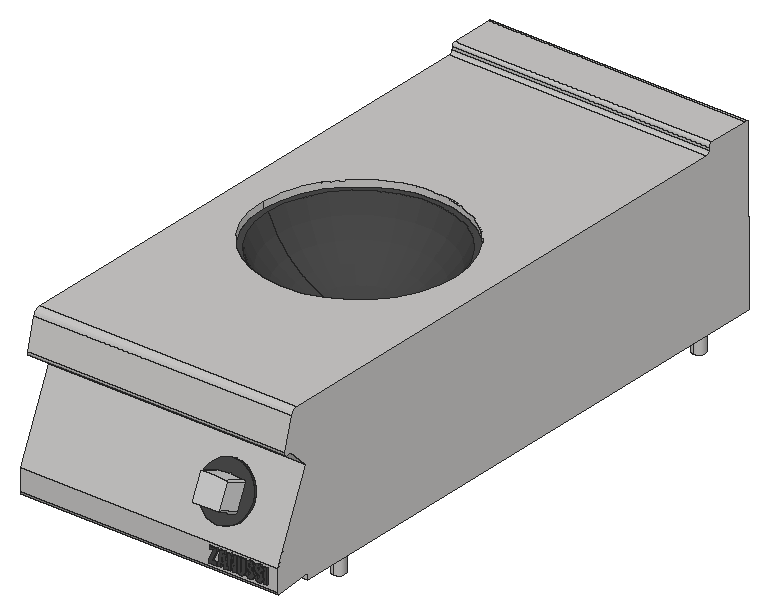
Revit family "QF_ZANUSSI_392353_Z9INEDW00P", category Specialty Equipment, Revit 2018
Family settings
  Round Connector Dimension = Use Diameter
  Part Type = Normal
  Work Plane-Based = No
  Always vertical = Yes
  Cut with Voids When Loaded = No
  Shared = No
  Room Calculation Point = No
Parameters (values of type "Standard")
  Weight = 30.00 kg
  Watts = 0 W
  Volts = 380 V
  URL Manufacturer = "http://www.zanussiprofessional.com"
  URL = "http://www.zanussiprofessional.com"
  Steam Supply Size = 0"
  Steam Supply Minimum Pressure = 0.00 psi
  Steam Supply Maximum Pressure = 0.00 psi
  Steam Pounds per Hour = 0
  Show Logo [instance] = yes
  Refrigeration Suction Line Size = 0"
  Refrigeration Liquid Line Size = 0"
  Refrigerant Compressor Remote = yes
  Phase = 3
  Model = "Z9INEDW00P"
  Manufacturer = "Zanussi"
  Length Actual = 400 mm  # constant formula
  Item Number = "392353"
  Hot Water Size = 0"
  Height Actual = 250 mm  # constant formula
  HP = "6.7 HP"
  Gas Size = 0"
  Gas KW = 0
  Gas Input Pressure = 0.0 Btu/h
  Direct Waste Size = 0"
  Description = "ELECTRIC INDUCTION WOK 5 KW 400 MM-900LINE"
  Depth Actual = 900 mm  # constant formula
  Cycle = 60 Hz
  Condensate Return Size = 0"
  Compressed Air Volume = 0 GPM
  Compressed Air Size = 0"
  Compressed Air Pressure = 0.00 psi
  Cold Water Size = 0"
  Accessory = yes
Types (2, lengths in mm): name | URL | Phase | Model | Manufacturer | Description
  (no name) | 0 | 0 | 0 | 0 | 0
  Standard | "http://www.zanussiprofessional.com" | 3 | "Z9INEDW00P" | "Zanussi" | "ELECTRIC INDUCTION WOK 5 KW 400 MM-900LINE"
Values of the unnamed type that differ from the named types
  Volts = 0 V
  URL Manufacturer = ""
  Item Number = ""
  Cycle = 0 Hz
Reference planes
  plane 1 "BACK": y = 0
  plane 2: z = 625
  plane 3 "LEFT": x = 0
  plane 4 "RIGHT": x = 400
  plane 5 "FRONT": y = -915
  plane 6 "TOP": z = 900
  plane 7 "Center Y": x = 200
  plane 8 "Center X": y = -457.5
  plane 9: z = 650
  plane 10: z = 915
  plane 11: y = -506.787
  plane 12: x = 388.888
  plane 13: x = 11.112
Forms (mm)
  Extrusion 1, solid, material "QF_Finishes_Stainless Steel"
    sketch origin (0, -199.871, 625) x (1, 0, 0) y (0, 1, 0)
      loop
        circle (11.112, 117.871) r 9.525
      loop
        circle (388.888, 117.871) r 9.525
      loop
        circle (11.112, -582.629) r 9.525
      loop
        circle (388.888, -582.629) r 9.525
    from 0 to 25
  Extrusion 2, void
    sketch origin (0, 35, 900) x (1, 0, 0) y (0, -1, 0)
      loop
        circle (200, 541.787) r 150
    from 0 to 10
  Revolve 3, void
    sketch origin (-6096, -506.787, 799.637) x (0, 0, -1) y (-1, 0, 0)
      loop
        line (-291, -6296) -> (9, -6296)
        arc (9, -6296) -> (-141, -6146) -> (-291, -6296) r 150
      axis (-291, -6296) -> (9, -6296)
    angle from 0 to 360
  Extrusion 4, solid, material "QF_Finishes_Stainless Steel"
    sketch origin (0, 0, 649) x (0, 0, 1) y (1, 0, 0)
      loop
        circle (32, 200) r 12.7
    from 0 to 5
  Extrusion 5, solid, material "QF_Finishes_Stainless Steel"
    sketch origin (0, 0, 626.187) x (0, 1, 0) y (0, 0, 1)
      loop
        arc (-70.257, 288.271) -> (-73.771, 286.815) -> (-75.227, 283.3) r 4.97
        line (-75.227, 283.3) -> (-75.227, 279.267)
        arc (-75.227, 279.267) -> (-76.824, 275.41) -> (-80.681, 273.813) r 5.454
        line (-80.681, 273.813) -> (-877.207, 273.813)
        arc (-877.207, 273.813) -> (-883.903, 271.54) -> (-887.832, 265.66) r 11
        line (-887.832, 265.66) -> (-900.149, 219.707)
        arc (-900.149, 219.707) -> (-899.226, 215.936) -> (-895.55, 214.687) r 4.036
        line (-895.55, 214.687) -> (-889.182, 215.81) -> (-859.407, 186.036) -> (-915, 65.25) -> (-915, 31.701)
        arc (-915, 31.701) -> (-913.842, 29.1) -> (-911.134, 28.221) r 3.5
        line (-911.134, 28.221) -> (-856, 34.015) -> (-856, 23.812) -> (0, 23.812) -> (0, 284.313)
        arc (0, 284.313) -> (-1.164, 287.133) -> (-3.978, 288.313) r 4
        line (-3.978, 288.313) -> (-70.292, 288.313)
    from 0 to 400
Cuts and joins
  Extrusion 2, Revolve 3 cuts Extrusion 5
Lines and regions (mm)
  symbolic lines
    curve 1: line (0, -915, 0) -> (278.132, -915, 0)
    curve 2: line (0, 0, 0) -> (0, -915, 0)
    curve 3: line (400, 0, 0) -> (0, 0, 0)
    curve 4: line (400, -915, 0) -> (400, 0, 0)
    curve 5: line (0, -75, 0) -> (400, -75, 0)
    curve 6: arc (50, -506.787, 0) -> (200, -356.787, 0) -> (350, -506.787, 0) r 150
    curve 7: arc (350, -506.787, 0) -> (200, -656.787, 0) -> (50, -506.787, 0) r 150
    curve 8: arc (341.421, -506.787, 0) -> (200, -648.208, 0) -> (58.579, -506.787, 0) r 141.421
    curve 9: arc (58.579, -506.787, 0) -> (200, -365.366, 0) -> (341.421, -506.787, 0) r 141.421
    curve 10: line (0, -900, 0) -> (400, -900, 0)
    curve 11: spline (280.706, -911.881, 0) -> (280.474, -911.901, 0) -> (280.249, -911.933, 0) -> (280.035, -911.976, 0) -> (279.835, -912.028, 0) -> (279.651, -912.091, 0) -> (279.485, -912.162, 0) -> (279.341, -912.241, 0) -> (279.221, -912.326, 0) -> (279.125, -912.417, 0) -> (279.056, -912.512, 0) -> (279.014, -912.609, 0) -> (279, -912.708, 0)
    curve 12: line (279, -912.708, 0) -> (279, -928.009, 0)
    curve 13: spline (279, -928.009, 0) -> (279.017, -928.118, 0) -> (279.068, -928.225, 0) -> (279.152, -928.329, 0) -> (279.268, -928.427, 0) -> (279.413, -928.518, 0) -> (279.586, -928.6, 0) -> (279.782, -928.672, 0) -> (280, -928.733, 0) -> (280.235, -928.781, 0) -> (280.482, -928.817, 0) -> (280.739, -928.838, 0) -> (281, -928.845, 0)
    curve 14: line (281, -928.845, 0) -> (319, -928.845, 0)
    curve 15: spline (319, -928.845, 0) -> (319.261, -928.838, 0) -> (319.518, -928.817, 0) -> (319.765, -928.781, 0) -> (320, -928.733, 0) -> (320.218, -928.672, 0) -> (320.414, -928.6, 0) -> (320.587, -928.518, 0) -> (320.732, -928.427, 0) -> (320.848, -928.329, 0) -> (320.932, -928.225, 0) -> (320.983, -928.118, 0) -> (321, -928.009, 0)
    curve 16: line (321, -928.009, 0) -> (321, -912.708, 0)
    curve 17: spline (321, -912.708, 0) -> (320.986, -912.609, 0) -> (320.944, -912.512, 0) -> (320.875, -912.417, 0) -> (320.779, -912.326, 0) -> (320.659, -912.241, 0) -> (320.515, -912.162, 0) -> (320.349, -912.091, 0) -> (320.165, -912.028, 0) -> (319.965, -911.976, 0) -> (319.751, -911.933, 0) -> (319.526, -911.901, 0) -> (319.294, -911.881, 0)
    curve 18: line (280.593, -900, 0) -> (280.706, -911.881, 0)
    curve 19: line (279, -912.708, 0) -> (278.152, -900, 0)
    curve 20: line (277.131, -900, 0) -> (279, -928.009, 0)
    curve 21: line (319.407, -900, 0) -> (319.294, -911.881, 0)
    curve 22: line (321, -912.708, 0) -> (321.848, -900, 0)
    curve 23: line (322.869, -900, 0) -> (321, -928.009, 0)
    curve 24: spline (264.831, -900, 0) -> (265.677, -900.506, 0) -> (266.565, -900.999, 0) -> (267.493, -901.479, 0) -> (268.461, -901.945, 0) -> (269.468, -902.397, 0) -> (270.511, -902.833, 0) -> (271.589, -903.255, 0) -> (272.703, -903.66, 0) -> (273.849, -904.049, 0) -> (275.027, -904.421, 0) -> (276.235, -904.776, 0) -> (277.472, -905.113, 0)
    curve 25: spline (322.528, -905.113, 0) -> (323.765, -904.776, 0) -> (324.973, -904.421, 0) -> (326.151, -904.049, 0) -> (327.297, -903.66, 0) -> (328.411, -903.255, 0) -> (329.489, -902.833, 0) -> (330.532, -902.397, 0) -> (331.539, -901.945, 0) -> (332.507, -901.479, 0) -> (333.435, -900.999, 0) -> (334.323, -900.506, 0) -> (335.169, -900, 0)
    curve 26: spline (319.294, -911.881, 0) -> (316.096, -911.699, 0) -> (312.889, -911.55, 0) -> (309.673, -911.434, 0) -> (306.452, -911.351, 0) -> (303.227, -911.301, 0) -> (300, -911.285, 0) -> (296.773, -911.301, 0) -> (293.548, -911.351, 0) -> (290.327, -911.434, 0) -> (287.111, -911.55, 0) -> (283.904, -911.699, 0) -> (280.706, -911.881, 0)
    curve 27: line (321.868, -915, 0) -> (400, -915, 0)
Dimensions and locks
  equal spacing: plane 3 "LEFT", plane 7 "Center Y", plane 4 "RIGHT"
  plane 3 "LEFT" to plane 4 "RIGHT" = 400 mm
  equal spacing: plane 5 "FRONT", plane 8 "Center X", plane 1 "BACK"
  plane 5 "FRONT" to plane 1 "BACK" = 915 mm
  plane 10 to level = 915 mm
  plane 9 to level = 650 mm
  plane 9 to plane 2 = 25 mm
  locked: plane 11 to plane 8 "Center X" at 49.287
  plane 10 to plane 6 "TOP" = 15 mm
  Extrusion 5 sketch curve to Extrusion 5 sketch curve = 39.496 mm
  Extrusion 5 sketch curve to Extrusion 5 sketch curve = 55.438 mm
  Extrusion 5 sketch curve to Extrusion 5 sketch curve = 5.296 mm
  radius of Extrusion 5 sketch curve = 4.036 mm
Automatic sketch dimensions
  Extrusion 1 sketch curve to Extrusion 1 sketch curve = 0 mm  (x8)
  plane 3 "LEFT" to Extrusion 1 sketch curve = 11.112 mm  (x2)
  Extrusion 1 sketch curve to plane 4 "RIGHT" = 11.112 mm  (x2)
  Extrusion 1 sketch curve to plane 8 "Center X" = 334.525 mm  (x2)
  Extrusion 1 sketch curve to Extrusion 1 sketch curve = 9.525 mm  (x4)
  plane 1 "BACK" to Extrusion 1 sketch curve = 91.525 mm  (x2)
  Revolve 3 sketch curve to plane 7 "Center Y" = 0 mm  (x2)
  plane 10 to Revolve 3 sketch curve = 175.638 mm
  Revolve 3 sketch curve to Revolve 3 sketch curve = 150 mm
  Revolve 3 sketch curve to Revolve 3 sketch curve = 30.638 mm
  Revolve 3 sketch curve to Revolve 3 sketch curve = 35 mm
  Extrusion 2 sketch curve to plane 7 "Center Y" = 0 mm
  Extrusion 2 sketch curve to plane 11 = 0 mm
  Extrusion 4 sketch curve to plane 7 "Center Y" = 0 mm
  plane 9 to Extrusion 4 sketch curve = 31 mm
  Extrusion 5 sketch curve to plane 5 "FRONT" = 0 mm
  Extrusion 5 sketch curve to plane 6 "TOP" = 0 mm
  Extrusion 5 sketch curve to plane 9 = 0 mm
  Extrusion 5 sketch curve to plane 1 "BACK" = 0 mm
  Extrusion 5 sketch curve to plane 5 "FRONT" = 3.5 mm
  Extrusion 5 sketch curve to plane 5 "FRONT" = 14.851 mm
  Extrusion 5 sketch curve to Extrusion 5 sketch curve = 3.899 mm
  Extrusion 5 sketch curve to Extrusion 5 sketch curve = 0.701 mm
  Extrusion 5 sketch curve to Extrusion 5 sketch curve = 6.368 mm
  Extrusion 5 sketch curve to plane 6 "TOP" = 8.152 mm
  Extrusion 5 sketch curve to plane 5 "FRONT" = 27.168 mm
  Extrusion 5 sketch curve to Extrusion 5 sketch curve = 10.625 mm
  Extrusion 5 sketch curve to Extrusion 5 sketch curve = 29.775 mm
  Extrusion 5 sketch curve to Extrusion 5 sketch curve = 55.5 mm
  plane 6 "TOP" to Extrusion 5 sketch curve = 5.454 mm
  plane 1 "BACK" to Extrusion 5 sketch curve = 80.681 mm
  Extrusion 5 sketch curve to Extrusion 5 sketch curve = 4.97 mm
  plane 1 "BACK" to Extrusion 5 sketch curve = 4 mm
  Extrusion 5 sketch curve to plane 10 = 0.5 mm
  plane 1 "BACK" to Extrusion 5 sketch curve = 3.978 mm
  plane 9 to Extrusion 5 sketch curve = 7.889 mm
  Extrusion 5 sketch curve to Extrusion 5 sketch curve = 10.203 mm
  Extrusion 5 sketch curve to Extrusion 5 sketch curve = 33.549 mm
  Extrusion 5 sketch curve to Extrusion 5 sketch curve = 76.777 mm
  Extrusion 5 sketch curve to Extrusion 5 sketch curve = 4.034 mm
  Extrusion 5 sketch curve to Extrusion 5 sketch curve = 4 mm
  Extrusion 5 sketch curve to Extrusion 5 sketch curve = 0.366 mm
  Extrusion 5 sketch curve to Extrusion 5 sketch curve = 0 mm  (x2)
  Extrusion 5 sketch curve to Extrusion 5 sketch curve = 0.036 mm  (x2)
  curve 6 to curve 8 = 0 mm  (x2)
  curve 1 to plane 3 "LEFT" = 0 mm
  curve 6 to plane 11 = 0 mm
  curve 9 to plane 7 "Center Y" = 0 mm
  plane 1 "BACK" to curve 4 = 0 mm
  curve 4 to plane 4 "RIGHT" = 0 mm
  plane 5 "FRONT" to curve 27 = 0 mm
  curve 6 to plane 13 = 38.888 mm
  curve 6 to curve 9 = 8.579 mm
  curve 27 to curve 10 = 15 mm
  plane 1 "BACK" to curve 5 = 75 mm
  curve 26 to plane 4 "RIGHT" = 231.25 mm
  curve 26 to curve 24 = 96.081 mm
  curve 24 to curve 20 = 12.301 mm
  curve 20 to curve 24 = 0.341 mm
  curve 20 to curve 19 = 1.021 mm
  curve 24 to curve 19 = 1.528 mm
  curve 19 to curve 18 = 2.44 mm
  curve 11 to curve 18 = 1.706 mm
  curve 18 to curve 11 = 0.294 mm
  curve 13 to curve 14 = 2 mm
  curve 14 to curve 26 = 19 mm
  curve 18 to curve 24 = 19.407 mm
  curve 25 to curve 24 = 0 mm  (x2)
  curve 17 to curve 15 = 0 mm
  curve 17 to curve 17 = 0.294 mm
  curve 26 to curve 21 = 0.113 mm
  curve 17 to curve 16 = 1.706 mm
  curve 21 to curve 22 = 2.44 mm
  curve 22 to curve 25 = 0.68 mm
  curve 22 to curve 23 = 1.021 mm
  curve 23 to curve 25 = 12.301 mm
  curve 25 to curve 24 = 7.245 mm
  curve 26 to curve 13 = 37.316 mm
  curve 14 to curve 15 = 0.836 mm
  curve 13 to curve 12 = 0.836 mm
  curve 15 to curve 17 = 15.301 mm
  curve 11 to curve 26 = 0.827 mm
  curve 26 to curve 24 = 6.768 mm
  curve 26 to curve 25 = 6.768 mm
  curve 24 to curve 20 = 5.113 mm
  plane 5 "FRONT" to curve 1 = 0 mm
  radius of Extrusion 2 sketch curve = 150 mm
  radius of Extrusion 4 sketch curve = 12.7 mm
Nested families
  nested 1: "ZAN_Logo_S" at (339.87, -915, 675.82) x (1, 0, 0) z (0, -1, 0), visible <- "Show Logo", type "ZAN_Logo_S"
  nested 2: "ZAN_Knob" at (300, -887.204, 751.83) x (-1, 0, 0) z (0, -0.9084, 0.4181), type "ZAN_Knob"
Connectors
  electrical at (200, 5, 681), driven by "Volts"
    settings: on Extrusion 4, index 1, voltage 380 V, apparent load 0 VA, apparent load phase1 5000 VA, apparent load phase2 0 VA, apparent load phase3 0 VA, power factor 0, load classification "Other", number of poles 1, system type 30, power factor state 1, is connector primary yes, connector utility no, sub classification motor no, connector description "Electrical Connection"
Definition of nested family "ZAN_Logo_S"
  Parameters
    Default Elevation = 0 mm
  Reference planes
    plane 1 "Centro (Fronte/Retro)": y = 0
    plane 2: z = 0
    plane 3 "Centro (Sinistra/Destra)": x = 0
    plane 4: x = 60.13
  Forms (mm)
    Extrusion 1, solid
      sketch origin (0, 0, 0) x (1, 0, 0) y (0, 1, 0)
        loop
          line (-1219.2, 1219.2) -> (-1219.2, -1219.2) -> (1219.2, -1219.2) -> (1219.2, 1219.2) -> (-1219.2, 1219.2)
      from 0 to -304.8
    Extrusion 2, solid
      sketch origin (17.793, -46.218, 0) x (-1, 0, 0) y (0, -1, 0)
        loop
          spline (-4.176, -58.079) -> (-3.496, -58.328) -> (-2.793, -58.512) -> (-2.075, -58.63) -> (-1.348, -58.682) -> (-0.619, -58.669) -> (0.106, -58.588) -> (0.818, -58.44) -> (1.512, -58.225) -> (2.18, -57.941) -> (2.817, -57.589) -> (3.414, -57.167) -> (3.966, -56.676)
          spline (3.966, -56.676) -> (4.293, -56.162) -> (4.575, -55.61) -> (4.81, -55.026) -> (5, -54.419) -> (5.146, -53.797) -> (5.247, -53.166) -> (5.304, -52.536) -> (5.318, -51.913) -> (5.288, -51.306) -> (5.217, -50.723) -> (5.103, -50.17) -> (4.949, -49.657)
          line (4.949, -49.657) -> (2.702, -46.428) -> (0.316, -44.323)
          spline (0.316, -44.323) -> (0.065, -44.115) -> (-0.195, -43.909) -> (-0.46, -43.704) -> (-0.729, -43.496) -> (-0.997, -43.282) -> (-1.263, -43.059) -> (-1.523, -42.825) -> (-1.774, -42.576) -> (-2.013, -42.309) -> (-2.238, -42.022) -> (-2.445, -41.712) -> (-2.632, -41.375)
          spline (-2.632, -41.375) -> (-2.666, -41.159) -> (-2.697, -40.934) -> (-2.722, -40.701) -> (-2.736, -40.465) -> (-2.736, -40.227) -> (-2.72, -39.989) -> (-2.682, -39.754) -> (-2.621, -39.524) -> (-2.533, -39.302) -> (-2.414, -39.091) -> (-2.261, -38.892) -> (-2.07, -38.708)
          line (-2.07, -38.708) -> (-0.245, -38.567)
          spline (-0.245, -38.567) -> (0.096, -38.8) -> (0.354, -39.074) -> (0.54, -39.381) -> (0.664, -39.716) -> (0.738, -40.073) -> (0.772, -40.445) -> (0.777, -40.825) -> (0.763, -41.208) -> (0.742, -41.588) -> (0.723, -41.957) -> (0.718, -42.309) -> (0.737, -42.638)
          line (0.737, -42.638) -> (5.65, -42.638)
          spline (5.65, -42.638) -> (5.708, -42.042) -> (5.741, -41.448) -> (5.747, -40.857) -> (5.723, -40.273) -> (5.668, -39.696) -> (5.58, -39.129) -> (5.457, -38.574) -> (5.297, -38.032) -> (5.098, -37.506) -> (4.857, -36.997) -> (4.574, -36.508) -> (4.247, -36.041)
          spline (4.247, -36.041) -> (3.844, -35.675) -> (3.409, -35.35) -> (2.946, -35.065) -> (2.458, -34.819) -> (1.949, -34.612) -> (1.421, -34.444) -> (0.88, -34.314) -> (0.326, -34.221) -> (-0.234, -34.165) -> (-0.8, -34.146) -> (-1.366, -34.163) -> (-1.93, -34.216)
          spline (-1.93, -34.216) -> (-2.526, -34.309) -> (-3.116, -34.448) -> (-3.695, -34.633) -> (-4.259, -34.861) -> (-4.801, -35.131) -> (-5.316, -35.444) -> (-5.799, -35.798) -> (-6.245, -36.191) -> (-6.648, -36.624) -> (-7.002, -37.095) -> (-7.303, -37.603) -> (-7.545, -38.146)
          spline (-7.545, -38.146) -> (-7.694, -38.815) -> (-7.792, -39.487) -> (-7.839, -40.158) -> (-7.836, -40.824) -> (-7.785, -41.482) -> (-7.685, -42.129) -> (-7.539, -42.762) -> (-7.347, -43.377) -> (-7.111, -43.97) -> (-6.83, -44.538) -> (-6.506, -45.078) -> (-6.141, -45.586)
          line (-6.141, -45.586) -> (-0.526, -50.64) -> (0.176, -51.482)
          spline (0.176, -51.482) -> (0.248, -51.66) -> (0.323, -51.843) -> (0.397, -52.03) -> (0.467, -52.22) -> (0.529, -52.412) -> (0.579, -52.605) -> (0.615, -52.798) -> (0.633, -52.989) -> (0.63, -53.179) -> (0.601, -53.366) -> (0.545, -53.55) -> (0.456, -53.728)
          spline (0.456, -53.728) -> (0.375, -53.892) -> (0.273, -54.034) -> (0.154, -54.155) -> (0.02, -54.258) -> (-0.126, -54.343) -> (-0.28, -54.412) -> (-0.441, -54.466) -> (-0.604, -54.508) -> (-0.767, -54.537) -> (-0.928, -54.556) -> (-1.082, -54.567) -> (-1.228, -54.57)
          line (-1.228, -54.57) -> (-2.632, -53.587) -> (-2.772, -50.64) -> (-7.405, -50.64)
          spline (-7.405, -50.64) -> (-7.41, -51.031) -> (-7.423, -51.432) -> (-7.44, -51.839) -> (-7.456, -52.251) -> (-7.469, -52.665) -> (-7.475, -53.079) -> (-7.468, -53.489) -> (-7.446, -53.894) -> (-7.404, -54.291) -> (-7.339, -54.679) -> (-7.247, -55.053) -> (-7.123, -55.412)
          spline (-7.123, -55.412) -> (-6.999, -55.693) -> (-6.837, -55.97) -> (-6.643, -56.244) -> (-6.422, -56.509) -> (-6.177, -56.765) -> (-5.913, -57.009) -> (-5.634, -57.238) -> (-5.346, -57.45) -> (-5.051, -57.643) -> (-4.755, -57.814) -> (-4.462, -57.96) -> (-4.176, -58.079)
        loop
          spline (-21.021, -55.552) -> (-20.633, -56.181) -> (-20.177, -56.736) -> (-19.661, -57.217) -> (-19.092, -57.627) -> (-18.478, -57.966) -> (-17.827, -58.237) -> (-17.147, -58.441) -> (-16.446, -58.578) -> (-15.73, -58.652) -> (-15.009, -58.662) -> (-14.29, -58.611) -> (-13.581, -58.5)
          spline (-13.581, -58.5) -> (-13.088, -58.407) -> (-12.595, -58.269) -> (-12.109, -58.088) -> (-11.636, -57.866) -> (-11.183, -57.605) -> (-10.756, -57.307) -> (-10.361, -56.974) -> (-10.004, -56.608) -> (-9.692, -56.211) -> (-9.431, -55.784) -> (-9.228, -55.33) -> (-9.089, -54.851)
          spline (-9.089, -54.851) -> (-8.873, -54.211) -> (-8.715, -53.559) -> (-8.615, -52.901) -> (-8.574, -52.241) -> (-8.592, -51.585) -> (-8.668, -50.938) -> (-8.802, -50.306) -> (-8.995, -49.693) -> (-9.247, -49.106) -> (-9.557, -48.55) -> (-9.925, -48.03) -> (-10.352, -47.551)
          line (-10.352, -47.551) -> (-15.546, -42.919) -> (-16.669, -41.234)
          spline (-16.669, -41.234) -> (-16.704, -41.021) -> (-16.735, -40.804) -> (-16.761, -40.583) -> (-16.778, -40.361) -> (-16.784, -40.139) -> (-16.774, -39.919) -> (-16.748, -39.701) -> (-16.7, -39.488) -> (-16.63, -39.28) -> (-16.533, -39.08) -> (-16.406, -38.889) -> (-16.248, -38.708)
          line (-16.248, -38.708) -> (-14.844, -38.427)
          spline (-14.844, -38.427) -> (-14.347, -38.545) -> (-13.969, -38.749) -> (-13.695, -39.028) -> (-13.508, -39.368) -> (-13.393, -39.757) -> (-13.335, -40.182) -> (-13.318, -40.63) -> (-13.326, -41.089) -> (-13.344, -41.546) -> (-13.356, -41.988) -> (-13.347, -42.403) -> (-13.3, -42.779)
          line (-13.3, -42.779) -> (-8.387, -42.638)
          spline (-8.387, -42.638) -> (-8.326, -42.034) -> (-8.288, -41.417) -> (-8.277, -40.794) -> (-8.299, -40.169) -> (-8.357, -39.548) -> (-8.457, -38.936) -> (-8.604, -38.339) -> (-8.803, -37.762) -> (-9.058, -37.21) -> (-9.375, -36.689) -> (-9.758, -36.204) -> (-10.212, -35.76)
          spline (-10.212, -35.76) -> (-10.793, -35.336) -> (-11.409, -34.976) -> (-12.054, -34.679) -> (-12.723, -34.445) -> (-13.409, -34.273) -> (-14.107, -34.163) -> (-14.811, -34.115) -> (-15.515, -34.127) -> (-16.213, -34.2) -> (-16.899, -34.333) -> (-17.568, -34.526) -> (-18.213, -34.777)
          spline (-18.213, -34.777) -> (-18.496, -34.897) -> (-18.783, -35.044) -> (-19.071, -35.216) -> (-19.357, -35.412) -> (-19.639, -35.629) -> (-19.915, -35.865) -> (-20.182, -36.119) -> (-20.438, -36.389) -> (-20.681, -36.672) -> (-20.907, -36.967) -> (-21.115, -37.272) -> (-21.301, -37.585)
          spline (-21.301, -37.585) -> (-21.55, -38.26) -> (-21.734, -38.948) -> (-21.854, -39.647) -> (-21.91, -40.351) -> (-21.901, -41.057) -> (-21.828, -41.761) -> (-21.69, -42.459) -> (-21.489, -43.148) -> (-21.222, -43.823) -> (-20.892, -44.48) -> (-20.497, -45.116) -> (-20.038, -45.726)
          line (-20.038, -45.726) -> (-14.142, -51.061) -> (-13.44, -52.886) -> (-14.002, -54.289) -> (-15.265, -54.57) -> (-16.669, -53.587) -> (-16.81, -50.78) -> (-21.582, -50.64)
          spline (-21.582, -50.64) -> (-21.558, -51.063) -> (-21.55, -51.491) -> (-21.554, -51.92) -> (-21.561, -52.35) -> (-21.567, -52.778) -> (-21.565, -53.201) -> (-21.547, -53.619) -> (-21.509, -54.029) -> (-21.444, -54.43) -> (-21.345, -54.818) -> (-21.206, -55.193) -> (-21.021, -55.552)
        loop
          line (-22.424, -34.216) -> (-27.337, -34.216) -> (-27.337, -58.22) -> (-22.424, -58.22) -> (-22.424, -34.216)
        loop
          line (14.213, -39.971) -> (14.213, -58.22) -> (19.126, -58.22) -> (19.126, -42.077) -> (18.845, -38.146) -> (18.424, -37.164) -> (17.442, -35.9) -> (16.459, -35.199) -> (14.494, -34.356) -> (13.511, -34.216) -> (11.265, -34.216) -> (10.142, -34.497) -> (8.458, -35.479) -> (6.493, -38.287) -> (6.352, -39.269) -> (6.352, -58.22) -> (11.265, -58.22) -> (11.265, -40.392) -> (11.827, -39.129) -> (13.371, -38.988) -> (14.213, -39.971)
        loop
          line (20.249, -58.22) -> (24.741, -58.22) -> (24.741, -42.919) -> (28.812, -58.22) -> (34.006, -58.22) -> (34.006, -34.216) -> (29.654, -34.216) -> (29.654, -50.078) -> (25.583, -34.216) -> (20.249, -34.216) -> (20.249, -58.22)
        loop
          line (50.149, -58.22) -> (62.361, -58.22) -> (62.361, -53.728) -> (55.904, -53.868) -> (62.923, -39.129) -> (62.923, -34.216) -> (50.149, -34.216) -> (50.149, -39.129) -> (57.517, -39.129) -> (50.149, -54.149) -> (50.149, -58.22)
        loop
          line (38.778, -58.22) -> (45.516, -58.22) -> (49.868, -34.216) -> (44.814, -34.216) -> (44.113, -38.848) -> (40.042, -38.848) -> (39.34, -34.216) -> (34.286, -34.216) -> (38.778, -58.22)
        loop
          line (43.551, -43.2) -> (40.744, -43.2) -> (42.147, -54.117) -> (43.551, -43.2)
      from 0 to 1.644
  Dimensions and locks
    aligned and locked: plane 2 to Extrusion 1
    aligned and locked: level to Extrusion 1
Definition of nested family "ZAN_Knob"
  Parameters
    Default Elevation = 0 mm
  Reference planes
    plane 1 "Centro (Fronte/Retro)": y = 0
    plane 2: z = 0
    plane 3 "Centro (Sinistra/Destra)": x = 0
  Forms (mm)
    Extrusion 1, solid
      sketch origin (0, 0, 0) x (1, 0, 0) y (0, 1, 0)
        loop
          line (-1219.2, 1219.2) -> (-1219.2, -1219.2) -> (1219.2, -1219.2) -> (1219.2, 1219.2) -> (-1219.2, 1219.2)
      from 0 to -304.8
    Extrusion 2, solid
      sketch origin (4.687, -48.923, 0) x (1, 0, 0) y (0, 1, 0)
        loop
          circle (-4.687, 48.923) r 42.414
      from 0 to 3.175
    Blend 3, solid
      base sketch origin (4.687, -48.923, 3.175) x (1, 0, 0) y (0, 1, 0)
        loop
          line (-23.687, 25.923) -> (14.313, 25.923)
          arc (14.313, 25.923) -> (17.142, 27.095) -> (18.313, 29.923) r 4
          line (18.313, 29.923) -> (18.313, 66.519)
          arc (18.313, 66.519) -> (17.342, 69.132) -> (14.901, 70.476) r 4
          arc (14.901, 70.476) -> (-4.687, 71.923) -> (-24.275, 70.476) r 133.25
          arc (-24.275, 70.476) -> (-26.716, 69.132) -> (-27.687, 66.519) r 4
          line (-27.687, 66.519) -> (-27.687, 29.923)
          arc (-27.687, 29.923) -> (-26.515, 27.095) -> (-23.687, 25.923) r 4
      top sketch origin (4.687, -48.923, 3.175) x (1, 0, 0) y (0, 1, 0)
        loop
          line (-25.687, 66.519) -> (-25.687, 29.923)
          arc (-25.687, 29.923) -> (-25.101, 28.509) -> (-23.687, 27.923) r 2
          line (-23.687, 27.923) -> (14.313, 27.923)
          arc (14.313, 27.923) -> (15.727, 28.509) -> (16.313, 29.923) r 2
          line (16.313, 29.923) -> (16.313, 66.519)
          arc (16.313, 66.519) -> (15.828, 67.825) -> (14.607, 68.498) r 2
          arc (14.607, 68.498) -> (-4.687, 69.923) -> (-23.981, 68.498) r 131.25
          arc (-23.981, 68.498) -> (-25.201, 67.825) -> (-25.687, 66.519) r 2
      from 0 to 33
  Lines and regions (mm)
    Split face 1
      outline origin (4.687, -48.923, 36.175) x (1, 0, 0) y (0, 1, 0)
        loop
          line (-6.687, 69.908) -> (-6.687, 62.923) -> (-2.687, 62.923) -> (-2.687, 69.908)
  Dimensions and locks
    aligned and locked: plane 2 to Extrusion 1
    aligned and locked: level to Extrusion 1
